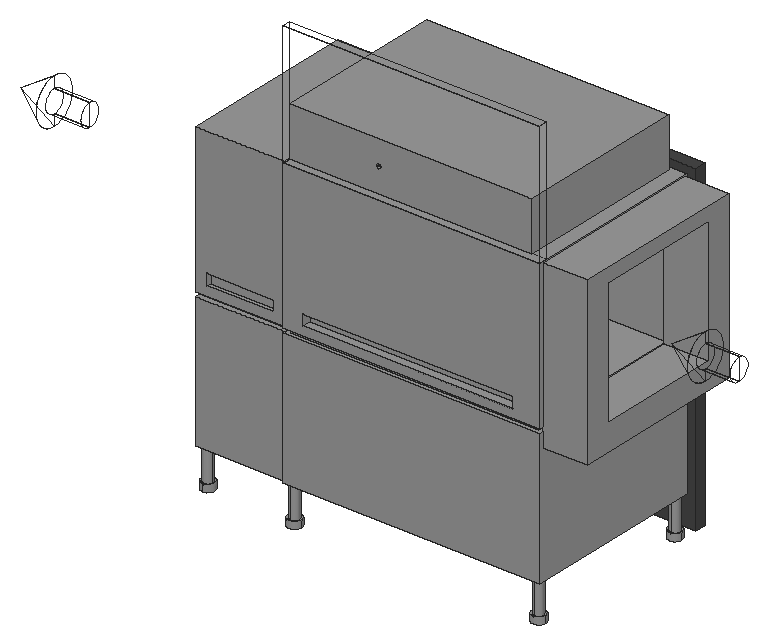
Revit family "AC2E_DXSX", category Attrezzature speciali, Revit 2017
Family settings
  Quota connettore circolare = Usa raggio
  Tipo di parte = Normale
  Basato su piano di lavoro = No
  Sempre verticale = Sì
  Taglio con vuoti quando caricato = No
  Condiviso = No
  Punto di calcolo locali = No
Parameters (values of type "AC2E D/S STEAM EXECUTION")
  Water inlet = 0.75"
  Washing pump = 1.24 kW
  Total steam heating kg/h = if(Steam, if(RC, if(Powered Boiler, if(Drying Tunnel, 62, 51.7), if(Drying Tunnel, 50, 39.7)), if(Powered Boiler, if(Drying Tunnel, 62, 51.7), if(Drying Tunnel, 44.8, 34.5))), 0)  # 34.5
  Total length = (Length of the first module + Length of the second module + Length of TECH Splash Shield + if(Drying Tunnel, Length of drying, 0 mm))  # 1750 mm
  Total depth = (Depth + 50 mm)  # 870 mm
  Total capacity = (Capacity washing tank + Capacity ecorinse tank)  # 94.0 L
  Tanks drain diameter = 50 mm
  Steam Outlet = 0.75"
  Steam Inlet = 1.5"
  Steam = yes
  Second speed = 0.0195 m/s
  Resistance washing = if(Electric, 12 kW, 0 kW)  # 0 kW
  Resistance rinsing = if(Electric, if(RC, 11 kW, if(Powered Boiler, 18 kW, 8 kW)), 0 kW)  # 0 kW
  Resistance drying = if(Drying Tunnel, if(Electric, 6 kW, 0 kW), 0 kW)  # 0 kW
  RCD pump = if(RCD, 0.6 kW, 0 kW)  # 0 kW
  RCD = no
  RC = no
  Production with the second speed (cest/h) = 140
  Production with the first speed (cest/h) = 105
  Powered Boiler = no
  Modello = "AC2"
  Maximum height = if(RC, Height with RC, Height with open doors)  # 2000 mm
  Maximum flow Rinsing = 3.33 L/min
  Length of the second module = 400 mm
  Length of the first module = 1150 mm
  Length of drying = 600 mm
  Length of TECH Splash Shield = 200 mm
  Installed power = (Gearmotor + Resistance washing + Washing pump + Ecorinse pump + Resistance rinsing + Fan drying + Resistance drying + Fan RC + RCD pump)  # 1.9 kW
  Height with open doors = 2000 mm
  Height with RC = 2040 mm
  Height of the machine = 1450 mm
  Gearmotor = 0.18 kW
  Flow Rinsing = 2.22 L/min
  First speed = 0.0145 m/s
  Fan drying = if(Drying Tunnel, 0.42 kW, 0 kW)  # 0 kW
  Fan RC = if(RC, 0.047 kW, 0 kW)  # 0 kW
  Exchange surface RC = if(RC, 21.00 m², 0.00 m²)  # 0.00 m²
  Electric = not(Steam)  # no
  Ecorinse pump = 0.48 kW
  Drying Tunnel = no
  Depth = if(Electric, 790 mm, 820 mm)  # 820 mm
  Costo = 0
  Capacity washing tank = 80.0 L
  Capacity ecorinse tank = 14.0 L
Types (9, lengths in mm): name | Total steam heating kg/h | Total length | Total depth | Steam | Resistance washing | Resistance rinsing | Resistance drying | RC | Maximum height | Installed power | Fan drying | Fan RC | Exchange surface RC | Electric | Drying Tunnel | Depth
  (no name) | 34.5 | 1750 | 870 | yes | 0 kW | 0 kW | 0 kW | no | 2000 | 1.9 kW | 0 kW | 0 kW | 0.00 m² | no | no | 820
  AC2E D/S AS RC ELECTRIC EXECUTION | 0 | 2350 | 840 | no | 12 kW | 11 kW | 6 kW | yes | 2040 | 31.367 kW | 0.42 kW | 0.047 kW | 21.00 m² | yes | yes | 790
  AC2E D/S AS ELECTRIC EXECUTION | 0 | 2350 | 840 | no | 12 kW | 8 kW | 6 kW | no | 2000 | 28.32 kW | 0.42 kW | 0 kW | 0.00 m² | yes | yes | 790
  AC2E D/S RC ELECTRIC EXECUTION | 0 | 1750 | 840 | no | 12 kW | 11 kW | 0 kW | yes | 2040 | 24.947 kW | 0 kW | 0.047 kW | 21.00 m² | yes | no | 790
  AC2E D/S ELECTRIC EXECUTION | 0 | 1750 | 840 | no | 12 kW | 8 kW | 0 kW | no | 2000 | 21.9 kW | 0 kW | 0 kW | 0.00 m² | yes | no | 790
  AC2E D/S RC STEAM EXECUTION | 39.7 | 1750 | 870 | yes | 0 kW | 0 kW | 0 kW | yes | 2040 | 1.947 kW | 0 kW | 0.047 kW | 21.00 m² | no | no | 820
  AC2E D/S AS STEAM EXECUTION | 44.8 | 2350 | 870 | yes | 0 kW | 0 kW | 0 kW | no | 2000 | 2.32 kW | 0.42 kW | 0 kW | 0.00 m² | no | yes | 820
  AC2E D/S AS RC STEAM EXECUTION | 0 | 2350 | 840 | no | 12 kW | 11 kW | 6 kW | yes | 2040 | 31.367 kW | 0.42 kW | 0.047 kW | 21.00 m² | yes | yes | 790
  AC2E D/S STEAM EXECUTION | 34.5 | 1750 | 870 | yes | 0 kW | 0 kW | 0 kW | no | 2000 | 1.9 kW | 0 kW | 0 kW | 0.00 m² | no | no | 820
Reference planes
  plane 1 "Centro (Fronte/Retro)": y = 0
  plane 2: z = 0
  plane 3 "Centro (Sinistra/Destra)": x = 0
Forms (mm)
  Extrusion 1, solid, material "ACCIAIO INOX"
    sketch origin (0, 0, 0) x (1, 0, 0) y (0, 1, 0)
      loop
        line (-575, 410) -> (-575, -410) -> (575, -410) -> (575, 410) -> (-575, 410)
    from 170 to 1450
  Extrusion 2, solid, material "ACCIAIO INOX"
    sketch origin (0, 0, 170) x (0, 1, 0) y (1, 0, 0)
      loop
        circle (-380, -545) r 20
      loop
        circle (-380, 545) r 20
      loop
        circle (380, 545) r 20
      loop
        circle (380, -545) r 20
    from 0 to 140
  Extrusion 3, solid, material "ACCIAIO INOX"
    sketch origin (0, 0, 30) x (-1, 0, 0) y (0, 1, 0)
      loop
        circle (-545, -380) r 30
      loop
        circle (-545, 380) r 30
      loop
        circle (545, 380) r 30
      loop
        circle (545, -380) r 30
    from 0 to 30
  Extrusion 4, void
    sketch origin (-575, -410, 0) x (0, -1, 0) y (0, 0, -1)
      loop
        line (-705, -1390.065) -> (-145, -1390.065) -> (-145, -830.065) -> (-705, -830.065) -> (-705, -1390.065)
    from 0 to 1800
  Extrusion 5, void
    sketch origin (-575, 410, 0) x (1, 0, 0) y (0, 0, -1)
      loop
        line (1150, -790) -> (1150, -770) -> (0, -770) -> (0, -790) -> (1150, -790)
    from 0 to -20
  Extrusion 6, void
    sketch origin (-575, -410, 0) x (0, -1, 0) y (0, 0, -1)
      loop
        line (-820, -790) -> (0, -790) -> (0, -770) -> (-820, -770) -> (-820, -790)
    from 0 to 20
  Extrusion 7, void
    sketch origin (575, -410, 0) x (1, 0, 0) y (0, 0, -1)
      loop
        line (-1150, -790) -> (0, -790) -> (0, -770) -> (-1150, -770) -> (-1150, -790)
    from 0 to 20
  Extrusion 8, void
    sketch origin (575, 410, 0) x (0, 1, 0) y (0, 0, -1)
      loop
        line (-820, -790) -> (0, -790) -> (0, -770) -> (-820, -770) -> (-820, -790)
    from 0 to 20
  Extrusion 9, void
    sketch origin (575, -410, 0) x (1, 0, 0) y (0, 0, -1)
      loop
        line (-1062.252, -880) -> (-122.252, -880) -> (-122.252, -830) -> (-1062.252, -830) -> (-1062.252, -880)
    from 0 to 40
  Extrusion 10, solid, material "Default"
    sketch origin (0, 0, 1450) x (1, 0, 0) y (0, 1, 0)
      loop
        line (-575, -370) -> (-575, -410) -> (575, -410) -> (575, -370) -> (-575, -370)
    from 0 to 550
  Extrusion 11, solid, material "Muro di default"
    sketch origin (-575, 410, 0) x (1, 0, 0) y (0, 0, -1)
      loop
        line (1150, -1450) -> (1150, 0) -> (0, 0) -> (0, -1450) -> (1150, -1450)
    from 50 to 100
  Extrusion 12, solid, material "ACCIAIO INOX"
    sketch origin (0, 0, 170) x (0, 1, 0) y (1, 0, 0)
      loop
        circle (-133, 0) r 50
    from 0 to 10
  Extrusion 13, solid, material "ACCIAIO INOX"
    sketch origin (0, 0, 1450) x (1, 0, 0) y (0, 1, 0)
      loop
        line (-575, 395) -> (-575, -370) -> (505, -370) -> (505, 395) -> (-575, 395)
    from 0 to 220
  Extrusion 14, void
    sketch origin (505, -370, 1450) x (1, 0, 0) y (0, 0, -1)
      loop
        circle (-680, -110) r 10
    from 0 to 10
  Revolve 15, solid, material "Default"
    sketch origin (-2220.762, -9.641, 2094.811) x (-1, 0, 0) y (0, 0, -1)
      loop
        line (-153.407, 1044.02) -> (-306.843, 1146.31) -> (-306.843, 1094.02) -> (-465.826, 1094.02) -> (-465.826, 1044.02) -> (-153.407, 1044.02)
      axis (-153.407, 1044.02) -> (-465.826, 1044.02)
    angle from 0 to 360
  Revolve 16, solid, material "Default"
    sketch origin (-1475.523, -10.144, 14.449) x (1, 0, 0) y (0, 0, 1)
      loop
        line (2320.742, 1037.436) -> (2470.742, 937.436) -> (2470.742, 987.436) -> (2620.742, 987.436) -> (2620.742, 1037.436) -> (2320.742, 1037.436)
      axis (2320.742, 1037.436) -> (2620.742, 1037.436)
    angle from 0 to 360
  Extrusion 17, solid, material "ACCIAIO INOX", visible <- "RC"
    sketch origin (575, -395, 0) x (-1, 0, 0) y (0, 0, -1)
      loop
        line (1550, -1450) -> (1150, -1450) -> (1150, -1950) -> (1550, -1950) -> (1550, -1450)
    from -40 to -740
  Extrusion 18, solid, material "ACCIAIO INOX", visible <- "RC"
    sketch origin (-575, -395, 1950) x (-1, 0, 0) y (0, -1, 0)
      loop
        circle (200, -395) r 115
    from 0 to 90
  Extrusion 19, solid, material "ACCIAIO INOX", visible <- "Drying Tunnel"
    sketch origin (-575, -395, 0) x (1, 0, 0) y (0, 0, 1)
      loop
        line (-400, 1950) -> (-1000, 1950) -> (-1000, 710) -> (-400, 710) -> (-400, 1950)
    from -40 to -750
  Extrusion 20, void
    sketch origin (-1575, -395, 1950) x (0, 0, 1) y (0, -1, 0)
      loop
        line (-559.935, -675) -> (-559.935, -115) -> (-1119.935, -115) -> (-1119.935, -675) -> (-559.935, -675)
    from 0 to 600
  Extrusion 21, solid, material "ACCIAIO INOX"
    sketch origin (575, -395, 0) x (0, 1, 0) y (0, 0, 1)
      loop
        line (675, 1390.065) -> (115, 1390.065) -> (115, 830.065) -> (675, 830.065) -> (675, 1390.065)
      loop
        line (790, 1450) -> (0, 1450) -> (0, 710) -> (790, 710) -> (790, 1450)
    from 0 to 200
  Extrusion 22, solid, material "ACCIAIO INOX"
    sketch origin (-575, 395, 0) x (0, -1, 0) y (0, 0, 1)
      loop
        line (790, 1450) -> (0, 1450) -> (0, 170) -> (790, 170) -> (790, 1450)
      loop
        line (675, 1390.065) -> (115, 1390.065) -> (115, 830.065) -> (675, 830.065) -> (675, 1390.065)
    from 0 to 400
  Extrusion 23, void
    sketch origin (-575, -395, 1391.17) x (0, 0, -1) y (-1, 0, 0)
      loop
        line (601.17, 0) -> (621.17, 0) -> (621.17, 400) -> (601.17, 400) -> (601.17, 0)
      loop
        line (511.17, 50) -> (561.17, 50) -> (561.17, 350) -> (511.17, 350) -> (511.17, 50)
    from 0 to 20
  Extrusion 24, solid, material "ACCIAIO INOX"
    sketch origin (-575, 395, 170) x (-1, 0, 0) y (0, 1, 0)
      loop
        circle (370, -760) r 20
      loop
        circle (370, -30) r 20
    from 0 to 140
  Extrusion 25, solid, material "ACCIAIO INOX"
    sketch origin (-575, 395, 30) x (0, -1, 0) y (-1, 0, 0)
      loop
        circle (760, 370) r 30
      loop
        circle (30, 370) r 30
    from 0 to 30
  Extrusion 26, solid, material "ACCIAIO INOX", visible <- "Drying Tunnel"
    sketch origin (-1175, -395, 710) x (0, -1, 0) y (-1, 0, 0)
      loop
        line (-700, 330) -> (-700, 290) -> (-660, 290) -> (-660, 330) -> (-700, 330)
      loop
        line (-130, 330) -> (-130, 290) -> (-90, 290) -> (-90, 330) -> (-130, 330)
    from 0 to 680
  Extrusion 27, solid, material "ACCIAIO INOX", visible <- "Drying Tunnel"
    sketch origin (-1175, -395, 30) x (1, 0, 0) y (0, -1, 0)
      loop
        circle (-310, -680) r 30
      loop
        circle (-310, -110) r 30
    from 0 to 30
  Extrusion 28, solid
    sketch origin (-975, 395, 0) x (0, -1, 0) y (0, 0, 1)
      loop
        circle (453, 234) r 10
      loop
        circle (323, 234) r 10
    from 0 to 10
  Extrusion 29, solid
    sketch origin (-400, 0, 170) x (0, -1, 0) y (-1, 0, 0)
      loop
        circle (135, 510) r 19.05
      loop
        circle (95, 445) r 19.1
    from 0 to 10
Cuts and joins
  Extrusion 4, Extrusion 5, Extrusion 6, Extrusion 7, Extrusion 8, Extrusion 9 cuts Extrusion 1
  Extrusion 14 cuts Extrusion 13
  Extrusion 20 cuts Extrusion 19
  Extrusion 23 cuts Extrusion 22
Lines and regions (mm)
  reference lines
    curve 1: line (0, 485.926, 0) -> (0, -304.074, 0)
    curve 2: line (-649.106, 0, 0) -> (500.894, 0, 0)
Dimensions and locks
  equal spacing: Extrusion 1 sketch curve, curve 1, Extrusion 1 sketch curve
  equal spacing: Extrusion 1 sketch curve, curve 2, Extrusion 1 sketch curve
  locked: Extrusion 1 to Extrusion 2 sketch curve at 10
  locked: Extrusion 2 sketch curve to Extrusion 1 at 30
  locked: Extrusion 1 to Extrusion 2 sketch curve at 30  (x3)
  Extrusion 1 to Extrusion 3 sketch curve = 30 mm  (x2)
  locked: Extrusion 4 sketch curve to Extrusion 4 sketch curve at 560  (x2)
  locked: Extrusion 4 sketch curve to Extrusion 1 at 115
  locked: Extrusion 7 sketch curve to Extrusion 7 sketch curve at 20
  locked: cut or joined group of Extrusion 1, Extrusion 4, Extrusion 5, Extrusion 6, Extrusion 7, Extrusion 8, Extrusion 9 to Extrusion 7 sketch curve at 600
  locked: Extrusion 9 sketch curve to Extrusion 9 sketch curve at 50
  locked: curve 2 to Extrusion 9 sketch curve at 830
  "Height of the machine": cut or joined group of Extrusion 1, Extrusion 4, Extrusion 5, Extrusion 6, Extrusion 7, Extrusion 8, Extrusion 9 to level
  "Height with open doors": Extrusion 10 to level
  locked: Extrusion 11 to cut or joined group of Extrusion 1, Extrusion 4, Extrusion 5, Extrusion 6, Extrusion 7, Extrusion 8, Extrusion 9 at 50
  locked: cut or joined group of Extrusion 1, Extrusion 4, Extrusion 5, Extrusion 6, Extrusion 7, Extrusion 8, Extrusion 9 to Extrusion 11 at 50
  cut or joined group of Extrusion 1, Extrusion 4, Extrusion 5, Extrusion 6, Extrusion 7, Extrusion 8, Extrusion 9 to Extrusion 11 = 170 mm
  locked: Extrusion 12 sketch curve to cut or joined group of Extrusion 1, Extrusion 4, Extrusion 5, Extrusion 6, Extrusion 7, Extrusion 8, Extrusion 9 at 575
  locked: cut or joined group of Extrusion 1, Extrusion 4, Extrusion 5, Extrusion 6, Extrusion 7, Extrusion 8, Extrusion 9 to Extrusion 12 sketch curve at 543
  locked: cut or joined group of Extrusion 1, Extrusion 4, Extrusion 5, Extrusion 6, Extrusion 7, Extrusion 8, Extrusion 9 to plane 3 "Centro (Sinistra/Destra)" at 575
  Extrusion 11 to plane 3 "Centro (Sinistra/Destra)" = 575 mm
  locked: cut or joined group of Extrusion 1, Extrusion 4, Extrusion 5, Extrusion 6, Extrusion 7, Extrusion 8, Extrusion 9 to Extrusion 2 sketch curve at 30  (x2)
  locked: Extrusion 2 sketch curve to cut or joined group of Extrusion 1, Extrusion 4, Extrusion 5, Extrusion 6, Extrusion 7, Extrusion 8, Extrusion 9 at 30
  "Length of the first module": Extrusion 10 to Extrusion 10
  locked: cut or joined group of Extrusion 1, Extrusion 4, Extrusion 5, Extrusion 6, Extrusion 7, Extrusion 8, Extrusion 9 to Extrusion 10 sketch curve at 40
  "Depth": cut or joined group of Extrusion 1, Extrusion 4, Extrusion 5, Extrusion 6, Extrusion 7, Extrusion 8, Extrusion 9 to Extrusion 10
  locked: cut or joined group of Extrusion 1, Extrusion 4, Extrusion 5, Extrusion 6, Extrusion 7, Extrusion 8, Extrusion 9 to Extrusion 14 sketch curve at 110
  Extrusion 13 to Extrusion 14 sketch curve = 400 mm
  Revolve 15 sketch curve to Revolve 15 sketch curve = 312.419 mm
  Revolve 15 sketch curve to Revolve 15 sketch curve = 50 mm  (x2)
  Revolve 16 sketch curve to Revolve 16 sketch curve = 300 mm
  Revolve 16 sketch curve to Revolve 16 sketch curve = 50 mm  (x2)
  Extrusion 19 sketch curve to Extrusion 19 sketch curve = 1240 mm
  Extrusion 19 sketch curve to Extrusion 19 sketch curve = 600 mm
  Extrusion 23 sketch curve to Extrusion 22 = 50 mm  (x2)
  locked: Extrusion 26 sketch curve to Extrusion 26 sketch curve at 40  (x4)
  "Length of TECH Splash Shield": Extrusion 21 to Extrusion 21
  "Length of the second module": cut or joined group of Extrusion 19, Extrusion 20 to Extrusion 17
  locked: cut or joined group of Extrusion 22, Extrusion 23 to connector elem at 323
  locked: cut or joined group of Extrusion 22, Extrusion 23 to connector elem at 453
  locked: Extrusion 28 to level at 234
  connector elem to cut or joined group of Extrusion 1, Extrusion 4, Extrusion 5, Extrusion 6, Extrusion 7, Extrusion 8, Extrusion 9 = 543 mm
  "Length of drying": cut or joined group of Extrusion 19, Extrusion 20 to cut or joined group of Extrusion 19, Extrusion 20
  aligned and locked: level to plane 2
  aligned and locked: Extrusion 10 sketch curve to cut or joined group of Extrusion 1, Extrusion 4, Extrusion 5, Extrusion 6, Extrusion 7, Extrusion 8, Extrusion 9  (x2)
  aligned and locked: Extrusion 10 to Extrusion 13 sketch curve
  aligned and locked: Extrusion 10 to cut or joined group of Extrusion 1, Extrusion 4, Extrusion 5, Extrusion 6, Extrusion 7, Extrusion 8, Extrusion 9
  aligned and locked: Extrusion 22 to Extrusion 23 sketch curve  (x2)
  aligned and locked: Extrusion 13 sketch curve to Extrusion 17
Automatic sketch dimensions
  plane 1 "Centro (Fronte/Retro)" to curve 2 = 0 mm
  curve 1 to plane 3 "Centro (Sinistra/Destra)" = 0 mm
  curve 2 to plane 3 "Centro (Sinistra/Destra)" = 649.106 mm
  plane 3 "Centro (Sinistra/Destra)" to curve 2 = 500.894 mm
  plane 1 "Centro (Fronte/Retro)" to curve 1 = 304.074 mm
  curve 1 to plane 1 "Centro (Fronte/Retro)" = 485.926 mm
  Extrusion 1 sketch curve to plane 3 "Centro (Sinistra/Destra)" = 575 mm
  plane 1 "Centro (Fronte/Retro)" to Extrusion 1 sketch curve = 410 mm
  Extrusion 1 to Extrusion 2 sketch curve = 30 mm
  Extrusion 4 sketch curve to Extrusion 1 = 59.935 mm
  Extrusion 1 to Extrusion 5 sketch curve = 0 mm
  Extrusion 5 sketch curve to Extrusion 1 = 0 mm
  Extrusion 1 to Extrusion 5 sketch curve = 620 mm
  Extrusion 5 sketch curve to Extrusion 5 sketch curve = 20 mm
  Extrusion 6 sketch curve to Extrusion 1 = 0 mm  (x2)
  Extrusion 6 sketch curve to Extrusion 1 = 620 mm
  Extrusion 6 sketch curve to Extrusion 6 sketch curve = 20 mm
  Extrusion 1 to Extrusion 7 sketch curve = 0 mm  (x2)
  Extrusion 8 sketch curve to Extrusion 1 = 0 mm  (x2)
  Extrusion 8 sketch curve to Extrusion 1 = 620 mm
  Extrusion 8 sketch curve to Extrusion 8 sketch curve = 20 mm
  Extrusion 9 sketch curve to Extrusion 1 = 87.748 mm
  Extrusion 1 to Extrusion 9 sketch curve = 122.252 mm
  Extrusion 10 sketch curve to Extrusion 1 = 0 mm
  Extrusion 11 sketch curve to Extrusion 1 = 0 mm  (x2)
  Extrusion 1 to Extrusion 11 sketch curve = 0 mm
  Extrusion 11 sketch curve to Extrusion 1 = 170 mm
  plane 3 "Centro (Sinistra/Destra)" to Extrusion 13 sketch curve = 505 mm
  Extrusion 13 sketch curve to plane 1 "Centro (Fronte/Retro)" = 395 mm
  Revolve 15 sketch curve to plane 3 "Centro (Sinistra/Destra)" = 1754.936 mm
  Revolve 15 sketch curve to Revolve 15 sketch curve = 158.983 mm
  Revolve 15 sketch curve to Revolve 15 sketch curve = 0 mm
  level to Revolve 15 sketch curve = 1050.792 mm
  Revolve 15 sketch curve to Revolve 15 sketch curve = 52.291 mm
  Revolve 15 sketch curve to Revolve 15 sketch curve = 47.581 mm
  plane 3 "Centro (Sinistra/Destra)" to Revolve 16 sketch curve = 845.22 mm
  Revolve 16 sketch curve to Revolve 16 sketch curve = 150 mm  (x2)
  level to Revolve 16 sketch curve = 951.884 mm
  Revolve 16 sketch curve to Revolve 16 sketch curve = 50 mm
  Revolve 16 sketch curve to Revolve 16 sketch curve = 60 mm
  Extrusion 17 sketch curve to plane 3 "Centro (Sinistra/Destra)" = 575 mm
  Extrusion 17 sketch curve to Extrusion 17 sketch curve = 400 mm
  level to Extrusion 17 sketch curve = 1950 mm
  Extrusion 17 sketch curve to Extrusion 17 sketch curve = 500 mm
  plane 1 "Centro (Fronte/Retro)" to Extrusion 18 sketch curve = 0 mm
  Extrusion 18 sketch curve to plane 3 "Centro (Sinistra/Destra)" = 775 mm
  Extrusion 19 sketch curve to plane 3 "Centro (Sinistra/Destra)" = 1575 mm
  level to Extrusion 19 sketch curve = 710 mm
  Extrusion 20 sketch curve to Extrusion 19 = 120.065 mm
  Extrusion 20 sketch curve to Extrusion 19 = 75 mm  (x2)
  Extrusion 20 sketch curve to Extrusion 19 = 559.935 mm
  plane 1 "Centro (Fronte/Retro)" to Extrusion 21 sketch curve = 395 mm
  Extrusion 21 sketch curve to Extrusion 21 sketch curve = 115 mm  (x2)
  Extrusion 21 sketch curve to plane 1 "Centro (Fronte/Retro)" = 280 mm
  level to Extrusion 21 sketch curve = 710 mm
  Extrusion 21 sketch curve to Extrusion 21 sketch curve = 120.065 mm
  Extrusion 21 sketch curve to Extrusion 21 sketch curve = 560 mm
  Extrusion 21 sketch curve to Extrusion 21 sketch curve = 59.935 mm
  Extrusion 22 sketch curve to plane 1 "Centro (Fronte/Retro)" = 395 mm
  Extrusion 22 sketch curve to plane 1 "Centro (Fronte/Retro)" = 280 mm
  plane 1 "Centro (Fronte/Retro)" to Extrusion 22 sketch curve = 280 mm
  Extrusion 22 sketch curve to Extrusion 22 sketch curve = 115 mm
  level to Extrusion 22 sketch curve = 170 mm
  Extrusion 22 sketch curve to Extrusion 22 sketch curve = 660.065 mm
  Extrusion 22 sketch curve to Extrusion 22 sketch curve = 560 mm
  Extrusion 22 sketch curve to Extrusion 22 sketch curve = 59.935 mm
  Extrusion 23 sketch curve to Extrusion 22 = 570 mm
  Extrusion 23 sketch curve to Extrusion 23 sketch curve = 50 mm
  Extrusion 23 sketch curve to Extrusion 23 sketch curve = 40 mm
  Extrusion 23 sketch curve to Extrusion 23 sketch curve = 20 mm
  Extrusion 24 sketch curve to Extrusion 22 = 30 mm  (x3)
  Extrusion 22 to Extrusion 24 sketch curve = 30 mm
  Extrusion 26 sketch curve to Extrusion 19 = 50 mm
  Extrusion 26 sketch curve to Extrusion 19 = 90 mm
  Extrusion 19 to Extrusion 26 sketch curve = 70 mm  (x2)
  Extrusion 26 to Extrusion 27 sketch curve = 20 mm  (x4)
  Extrusion 28 sketch curve to plane 1 "Centro (Fronte/Retro)" = 72 mm
  plane 1 "Centro (Fronte/Retro)" to Extrusion 28 sketch curve = 58 mm
  level to Extrusion 28 sketch curve = 234 mm
  Extrusion 28 sketch curve to Extrusion 28 sketch curve = 0 mm
  plane 1 "Centro (Fronte/Retro)" to Extrusion 29 sketch curve = 95 mm
  Extrusion 29 sketch curve to Extrusion 29 sketch curve = 40 mm
  Extrusion 29 sketch curve to plane 3 "Centro (Sinistra/Destra)" = 910 mm
  Extrusion 29 sketch curve to Extrusion 29 sketch curve = 65 mm
  radius of Extrusion 2 sketch curve = 20 mm  (x3)
  radius of Extrusion 2 to Extrusion 3 sketch curve = 10 mm  (x3)
  radius of Extrusion 3 sketch curve = 30 mm
  radius of Extrusion 12 sketch curve = 50 mm
  radius of Extrusion 14 sketch curve = 10 mm
  radius of Extrusion 18 sketch curve = 115 mm
  radius of Extrusion 24 sketch curve = 20 mm  (x2)
  radius of Extrusion 24 to Extrusion 25 sketch curve = 10 mm  (x2)
  radius of Extrusion 27 sketch curve = 30 mm  (x2)
  radius of Extrusion 28 sketch curve = 10 mm  (x2)
  radius of Extrusion 29 sketch curve = 19.05 mm
  radius of Extrusion 29 sketch curve = 19.1 mm
Connectors
  piping at (0, -133, 160), diameter 100, driven by "Tanks drain diameter"
    settings: on Extrusion 12, index 4, connector inside diameter 24", connector length 0 mm, flow factor 0, pipe flow 0.0 L/min, pressure drop 0.0 Pa, fitting loss kfactor 0, connector angle 0.00°, fixture units 0, engagement length 0 mm, angle of deflection 0.00°, flow configuration 0, flow direction 2, fitting loss method 0, system type 16, joint type 0, gender type 0, connector reference index -1, connector utility 0, adjustable connector no, is connector primary yes, connector description "A"
  electrical at (-175, -360, 1560), driven by "Installed power"
    settings: on cut or joined group of Extrusion 13, Extrusion 14, index 7, voltage 415 V, apparent load 1900 VA, apparent load phase1 0 VA, apparent load phase2 0 VA, apparent load phase3 0 VA, power factor 0.8, load classification "Alimentazione", number of poles 3, system type 30, power factor state 1, is connector primary yes, connector utility no, sub classification motor no, connector description "C"
  piping at (-985, -58, 234), diameter 38.1, driven by "Water inlet"
    settings: on Extrusion 28, index 8, connector inside diameter 24", connector length 0 mm, flow factor 0, pipe flow 600.0 L/min, pressure drop 0.0 Pa, fitting loss kfactor 0, connector angle 0.00°, fixture units 0, engagement length 0 mm, angle of deflection 0.00°, flow configuration 0, flow direction 1, fitting loss method 0, system type 20, joint type 0, gender type 0, connector reference index -1, connector utility 0, adjustable connector no, is connector primary no, connector description "D"
  piping at (-985, 72, 234), diameter 38.1, driven by "Water inlet"
    settings: on Extrusion 28, index 9, connector inside diameter 24", connector length 0 mm, flow factor 0, pipe flow 1200.0 L/min, pressure drop 0.0 Pa, fitting loss kfactor 0, connector angle 0.00°, fixture units 0, engagement length 0 mm, angle of deflection 0.00°, flow configuration 1, flow direction 1, fitting loss method 2, system type 19, joint type 0, gender type 0, connector reference index -1, connector utility 0, adjustable connector no, is connector primary no, connector description "B"
  piping at (-910, -135, 160), diameter 76.2, driven by "Steam", driven by "Steam Inlet"
    settings: on Extrusion 29, index 10, connector inside diameter 24", connector length 0 mm, flow factor 0, pipe flow 0.0 L/min, pressure drop 0.0 Pa, fitting loss kfactor 0, connector angle 0.00°, fixture units 0, engagement length 0 mm, angle of deflection 0.00°, flow configuration 0, flow direction 1, fitting loss method 0, system type 7, joint type 0, gender type 0, connector reference index -1, connector utility 1, adjustable connector no, is connector primary no, connector description "E"
  piping at (-845, -95, 160), diameter 38.1, driven by "Steam", driven by "Steam Outlet"
    settings: on Extrusion 29, index 11, connector inside diameter 24", connector length 0 mm, flow factor 0, pipe flow 0.0 L/min, pressure drop 0.0 Pa, fitting loss kfactor 0, connector angle 0.00°, fixture units 0, engagement length 0 mm, angle of deflection 0.00°, flow configuration 0, flow direction 2, fitting loss method 0, system type 8, joint type 0, gender type 0, connector reference index -1, connector utility 1, adjustable connector no, is connector primary no, connector description "F"
